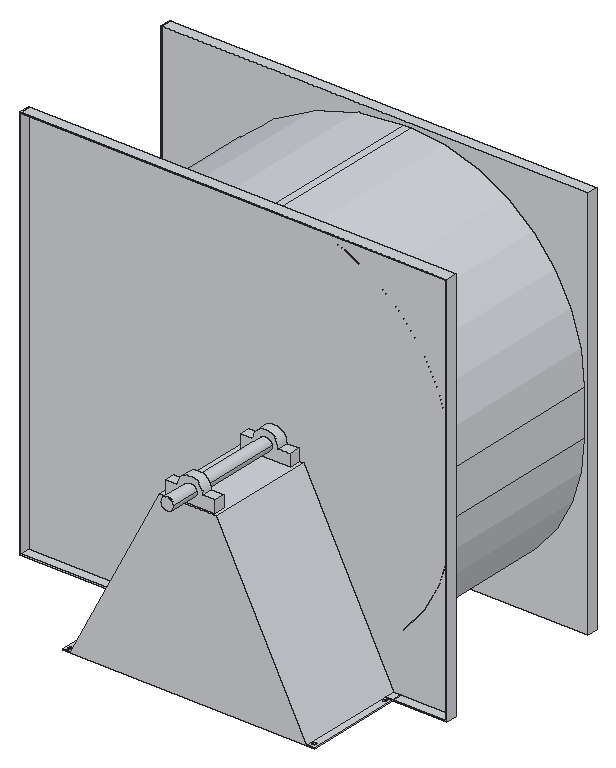
Revit family "CA-4_SWSI_ARR_1_CCW_DBD", category Mechanical Equipment, Revit 2019
Family settings
  Round Connector Dimension = Use Radius
  Part Type = Normal
  Work Plane-Based = No
  Always vertical = Yes
  Cut with Voids When Loaded = No
  Shared = No
  Room Calculation Point = No
Parameters (values of type "600_CA-4_SWSI_ARR_1_CCW_DBD_CLASS_2")
  S = 32"
  R = 49 5/16"
  P = 24 21/32"
  O/2 = O / 2  # 17/32"
  O = 1 1/16"
  ModelID [instance] = ""
  Accessories [instance] = ""
  ARR_1_U-D = ARR_1_U - D  # 34 3/8"
  ARR_1_K-D = ARR_1_K - D  # 27"
  ARR_1_J/2 = ARR_1_J / 2  # 1 23/32"
  ARR_1_J = 3 7/16"
  MOTOR_RAD = ARR_1_J * 3  # 10 5/16"
  M = 66 11/16"
  L = 10"
  K = 56 11/16"
  J = 3"
  INLET_RAD/2 = INLET_RAD / 2  # 16 1/2"
  INLET_RAD+1.5" = INLET_RAD + 1 1/2"  # 34 1/2"
  INLET_RAD = INLET_DIA / 2  # 33"
  INLET_DIA = 66"
  E = 49 3/4"
  F/5 = F / 5  # 23.6"
  F = 118"
  G = 109 5/8"
  Unit Weight [instance] = ""
  Sones [instance] = ""
  Motor RPM [instance] = ""
  Motor Enclosure [instance] = ""
  LwA [instance] = ""
  Fan RPM [instance] = ""
  E-(INLET_RAD+1.5") = H - (INLET_RAD + 1 1/2")  # 17 1/8"
  E+(INLET_RAD+1.5") = H + (INLET_RAD + 1 1/2")  # 86 1/8"
  H = 51 5/8"
  D-((D-B)/2) = D - ((D - B) / 2)  # 48 13/16"
  D = 51 13/16"
  B = 45 13/16"
  ARR_2_L-ARR_2_K = ARR_2_L - ARR_2_K  # 26 7/8"
  ARR_2_L = 34 3/8"
  ARR_2_K = 7 1/2"
  ARR_1_V = 7 1/2"
  ARR_1_U = 86 3/16"
  ARR_1_N = 24 9/16"
  ARR_1_M = 1 1/4"
  ARR_1_K = 78 13/16"
  ARR_1_H = 33 3/4"
  ARR_1_G = 34 3/4"
  A = 65 5/8"
  3" = 3"  # constant formula
  Brake Hp [instance] = ""
  4" = 4"  # constant formula
  2ARR_1_J+1" = ARR_1_J + ARR_1_J + 1"  # 7 7/8"
  2ARR_1_J = ARR_1_J + ARR_1_J  # 6 7/8"
  2' = 24"
  2" = 2"  # constant formula
  1" = 1"  # constant formula
  0 = 0"  # constant formula
  Voltage [instance] = 0 V
  URL = "www.lorencook.com"
  Type Comments = "Airfoil Centrifugal Blower Arrangement 1 Counter-Clockwise Down Blast Discharge"  # constant formula
  Static Pressure [instance] = 0.00 in-wg
  Power [instance] = Voltage * Motor FLA * sqrt(if(Phase = 3, 3, 1))  # 0 VA
  Phase [instance] = 0
  Number of Poles [instance] = 1
  Motor Hp [instance] = "0"
  Motor FLA [instance] = 0 A
  Model = "CA-4 SWSI ARR 1 CCW DBD CLASS 2"
  Manufacturer = "Loren Cook Company"
  CFM [instance] = 0 CFM
  1.5 = 1 1/2"  # constant formula
  ONE EIGTH = 1/8"  # constant formula
  -ARR_1_J = -ARR_1_J  # -3 7/16"
  -(ARR_2_L - ARR_2_K) = -(ARR_2_L - ARR_2_K)  # -26 7/8"
  -(((K-B)/2)-.125") = -(((K - B) / 2) - 1/8")  # -5 5/16"
  -(((D - B) / 2) - 1/8") = -(((D - B) / 2) - 1/8")  # -2 7/8"
  (R-B)/2 = (R - B) / 2  # 1 3/4"
  ((K-B)/2)+B = ((K - B) / 2) + B  # 51 1/4"
  (D-B)/2 = (D - B) / 2  # 3"
  -(((K-B)/2)+L) = -(((K - B) / 2) + L)  # -15 7/16"
  ((D-B)/2)-.125" = ((D - B) / 2) - 1/8"  # 2 7/8"
Types (55): name | S | R | P | O/2 | O | ARR_1_U-D | ARR_1_K-D | ARR_1_J/2 | ARR_1_J | MOTOR_RAD | M | L | K | J | INLET_RAD/2 | INLET_RAD+1.5" | INLET_RAD | INLET_DIA | E | F/5 | F | G | E-(INLET_RAD+1.5") | E+(INLET_RAD+1.5") | H | D-((D-B)/2) | D | B | ARR_2_L-ARR_2_K | ARR_2_L | ARR_2_K | ARR_1_V | ARR_1_U | ARR_1_N | ARR_1_M | ARR_1_K | ARR_1_H | ARR_1_G | A | 2ARR_1_J+1" | 2ARR_1_J | Model | -ARR_1_J | -(ARR_2_L - ARR_2_K) | -(((K-B)/2)-.125") | -(((D - B) / 2) - 1/8") | (R-B)/2 | ((K-B)/2)+B | (D-B)/2 | -(((K-B)/2)+L) | ((D-B)/2)-.125"
  (no name) | 32" | 49 5/16" | 24 21/32" | 17/32" | 1 1/16" | 34 3/8" | 27" | 1 23/32" | 3 7/16" | 10 5/16" | 66 11/16" | 10" | 56 11/16" | 3" | 16 1/2" | 34 1/2" | 33" | 66" | 49 3/4" | 23.6" | 118" | 109 5/8" | 17 1/8" | 86 1/8" | 51 5/8" | 48 13/16" | 51 13/16" | 45 13/16" | 26 7/8" | 34 3/8" | 7 1/2" | 7 1/2" | 86 3/16" | 24 9/16" | 1 1/4" | 78 13/16" | 33 3/4" | 34 3/4" | 65 5/8" | 7 7/8" | 6 7/8" | "CA-4 SWSI ARR 1 CCW DBD CLASS 2" | -3 7/16" | -26 7/8" | -5 5/16" | -2 7/8" | 1 3/4" | 51 1/4" | 3" | -15 7/16" | 2 7/8"
  120_CA-4_SWSI_ARR_1_CCW_DBD_CLASS_1 | 7 1/2" | 11 7/16" | 5 23/32" | 11/32" | 11/16" | 21 5/8" | 17 5/8" | 19/32" | 1 3/16" | 3 9/16" | 18 7/8" | 3" | 15 7/8" | 2" | 4 1/16" | 9 5/8" | 8 1/8" | 16 1/4" | 10 3/4" | 5.15" | 25 3/4" | 22 3/4" | 3/4" | 20" | 10 3/8" | 11 3/16" | 13 3/16" | 9 3/16" | 17 5/8" | 21 5/8" | 4" | 4" | 34 13/16" | 15 1/8" | 1" | 30 13/16" | 8 7/16" | 9 3/16" | 13 1/8" | 3 3/8" | 2 3/8" | "CA-4 SWSI ARR 1 CCW DBD CLASS 1" | -1 3/16" | -17 5/8" | -3 7/32" | -1 7/8" | 1 1/8" | 12 17/32" | 2" | -6 11/32" | 1 7/8"
  135_CA-4_SWSI_ARR_1_CCW_DBD_CLASS_1 | 8 1/2" | 12 9/16" | 6 9/32" | 11/32" | 11/16" | 21 5/8" | 17 5/8" | 19/32" | 1 3/16" | 3 9/16" | 20" | 3" | 17" | 2" | 4 7/16" | 10 3/8" | 8 7/8" | 17 3/4" | 12" | 5 3/4" | 28 3/4" | 25 1/2" | 1 1/4" | 22" | 11 5/8" | 12 5/16" | 14 5/16" | 10 5/16" | 17 5/8" | 21 5/8" | 4" | 4" | 35 15/16" | 15 1/8" | 1" | 31 15/16" | 9 3/16" | 9 15/16" | 14 3/4" | 3 3/8" | 2 3/8" | "CA-4 SWSI ARR 1 CCW DBD CLASS 1" | -1 3/16" | -17 5/8" | -3 7/32" | -1 7/8" | 1 1/8" | 13 21/32" | 2" | -6 11/32" | 1 7/8"
  150_CA-4_SWSI_ARR_1_CCW_DBD_CLASS_1 | 9" | 13 11/16" | 6 27/32" | 11/32" | 11/16" | 21 5/8" | 17 5/8" | 19/32" | 1 3/16" | 3 9/16" | 21 1/8" | 3" | 18 1/8" | 2" | 4 13/16" | 11 1/8" | 9 5/8" | 19 1/4" | 13 1/4" | 6.325" | 31 5/8" | 28 1/8" | 1 3/4" | 24" | 12 7/8" | 13 7/16" | 15 7/16" | 11 7/16" | 17 5/8" | 21 5/8" | 4" | 4" | 37 1/16" | 15 1/8" | 1" | 33 1/16" | 9 15/16" | 10 11/16" | 16 7/16" | 3 3/8" | 2 3/8" | "CA-4 SWSI ARR 1 CCW DBD CLASS 1" | -1 3/16" | -17 5/8" | -3 7/32" | -1 7/8" | 1 1/8" | 14 25/32" | 2" | -6 11/32" | 1 7/8"
  165_CA-4_SWSI_ARR_1_CCW_DBD_CLASS_1 | 10" | 14 7/8" | 7 7/16" | 11/32" | 11/16" | 21 5/8" | 17 5/8" | 19/32" | 1 3/16" | 3 9/16" | 23 15/16" | 4" | 19 5/16" | 2" | 5 5/16" | 12 1/8" | 10 5/8" | 21 1/4" | 14 3/8" | 6 7/8" | 34 3/8" | 30 7/8" | 2 1/8" | 26 3/8" | 14 1/4" | 14 5/8" | 16 5/8" | 12 5/8" | 17 5/8" | 21 5/8" | 4" | 4" | 38 1/4" | 15 1/8" | 1" | 34 1/4" | 10 15/16" | 11 11/16" | 18 1/16" | 3 3/8" | 2 3/8" | "CA-4 SWSI ARR 1 CCW DBD CLASS 1" | -1 3/16" | -17 5/8" | -3 7/32" | -1 7/8" | 1 1/8" | 15 31/32" | 2" | -7 11/32" | 1 7/8"
  180_CA-4_SWSI_ARR_1_CCW_DBD_CLASS_1 | 11" | 16" | 8" | 11/32" | 11/16" | 24 3/8" | 20 1/8" | 19/32" | 1 3/16" | 3 9/16" | 24 15/16" | 4 1/2" | 20 7/16" | 2" | 5 11/16" | 12 7/8" | 11 3/8" | 22 3/4" | 15 5/8" | 7.425" | 37 1/8" | 33 5/8" | 2 5/8" | 28 3/8" | 15 1/2" | 15 3/4" | 17 3/4" | 13 3/4" | 20 1/8" | 24 3/8" | 4 1/4" | 4 1/4" | 42 1/8" | 17 5/8" | 1" | 37 7/8" | 11 11/16" | 12 7/16" | 19 11/16" | 3 3/8" | 2 3/8" | "CA-4 SWSI ARR 1 CCW DBD CLASS 1" | -1 3/16" | -20 1/8" | -3 7/32" | -1 7/8" | 1 1/8" | 17 3/32" | 2" | -7 27/32" | 1 7/8"
  195_CA-4_SWSI_ARR_1_CCW_DBD_CLASS_1 | 11 1/2" | 17 3/16" | 8 19/32" | 11/32" | 11/16" | 24 3/8" | 20 1/8" | 19/32" | 1 3/16" | 3 9/16" | 27 3/16" | 4 1/2" | 22 11/16" | 2" | 6 1/16" | 13 5/8" | 12 1/8" | 24 1/4" | 16 3/4" | 8" | 40" | 36 1/4" | 3 1/8" | 30 3/8" | 16 3/4" | 16 15/16" | 18 15/16" | 14 15/16" | 20 1/8" | 24 3/8" | 4 1/4" | 4 1/4" | 43 5/16" | 17 5/8" | 1" | 39 1/16" | 12 7/16" | 13 3/16" | 21 5/16" | 3 3/8" | 2 3/8" | "CA-4 SWSI ARR 1 CCW DBD CLASS 1" | -1 3/16" | -20 1/8" | -3 3/4" | -1 7/8" | 1 1/8" | 18 13/16" | 2" | -8 3/8" | 1 7/8"
  210_CA-4_SWSI_ARR_1_CCW_DBD_CLASS_1 | 12" | 18 5/16" | 9 5/32" | 13/32" | 13/16" | 26 3/8" | 22 1/8" | 23/32" | 1 7/16" | 4 5/16" | 28 13/16" | 5" | 23 13/16" | 2" | 6 1/2" | 14 1/2" | 13" | 26" | 18" | 8.575" | 42 7/8" | 39 1/8" | 3 5/8" | 32 5/8" | 18 1/8" | 18 1/16" | 20 1/16" | 16 1/16" | 23 1/8" | 27 3/8" | 4 1/4" | 4 1/4" | 46 7/16" | 19 9/16" | 1" | 42 3/16" | 13 5/16" | 14 1/16" | 23" | 3 7/8" | 2 7/8" | "CA-4 SWSI ARR 1 CCW DBD CLASS 1" | -1 7/16" | -23 1/8" | -3 3/4" | -1 7/8" | 1 1/8" | 19 15/16" | 2" | -8 7/8" | 1 7/8"
  225_CA-4_SWSI_ARR_1_CCW_DBD_CLASS_1 | 12 1/2" | 19 7/16" | 9 23/32" | 13/32" | 13/16" | 26 3/8" | 22 1/8" | 23/32" | 1 7/16" | 4 5/16" | 29 15/16" | 5" | 24 15/16" | 2" | 6 7/8" | 15 1/4" | 13 3/4" | 27 1/2" | 19 1/4" | 9.15" | 45 3/4" | 41 3/4" | 4 1/8" | 34 5/8" | 19 3/8" | 19 3/16" | 21 3/16" | 17 3/16" | 23 1/8" | 27 3/8" | 4 1/4" | 4 1/4" | 47 9/16" | 19 9/16" | 1" | 43 5/16" | 14 1/16" | 14 13/16" | 24 5/8" | 3 7/8" | 2 7/8" | "CA-4 SWSI ARR 1 CCW DBD CLASS 1" | -1 7/16" | -23 1/8" | -3 3/4" | -1 7/8" | 1 1/8" | 21 1/16" | 2" | -8 7/8" | 1 7/8"
  245_CA-4_SWSI_ARR_1_CCW_DBD_CLASS_1 | 13 1/2" | 21" | 10 1/2" | 13/32" | 13/16" | 27 13/16" | 22 5/8" | 27/32" | 1 11/16" | 5 1/16" | 32" | 5 1/2" | 26 1/2" | 2" | 7 3/8" | 16 1/4" | 14 3/4" | 29 1/2" | 20 7/8" | 9.9" | 49 1/2" | 45 3/8" | 4 7/8" | 37 3/8" | 21 1/8" | 20 3/4" | 22 3/4" | 18 3/4" | 22 9/16" | 27 13/16" | 5 1/4" | 5 1/4" | 50 9/16" | 20 1/8" | 1" | 45 3/8" | 15 1/16" | 15 13/16" | 26 13/16" | 4 3/8" | 3 3/8" | "CA-4 SWSI ARR 1 CCW DBD CLASS 1" | -1 11/16" | -22 9/16" | -3 3/4" | -1 7/8" | 1 1/8" | 22 5/8" | 2" | -9 3/8" | 1 7/8"
  270_CA-4_SWSI_ARR_1_CCW_DBD_CLASS_1 | 15" | 22 7/8" | 11 7/16" | 13/32" | 13/16" | 27 13/16" | 22 5/8" | 27/32" | 1 11/16" | 5 1/16" | 34 3/8" | 6" | 28 3/8" | 2" | 8" | 17 1/2" | 16" | 32" | 23 3/8" | 10.95" | 54 3/4" | 49 7/8" | 5 3/4" | 40 3/4" | 23 1/4" | 22 5/8" | 24 5/8" | 20 5/8" | 22 9/16" | 27 13/16" | 5 1/4" | 5 1/4" | 52 7/16" | 20 1/8" | 1" | 47 1/4" | 16 7/16" | 17 3/16" | 29 9/16" | 4 3/8" | 3 3/8" | "CA-4 SWSI ARR 1 CCW DBD CLASS 1" | -1 11/16" | -22 9/16" | -3 3/4" | -1 7/8" | 1 1/8" | 24 1/2" | 2" | -9 7/8" | 1 7/8"
  300_CA-4_SWSI_ARR_1_CCW_DBD_CLASS_1 | 16 1/2" | 25 3/16" | 12 19/32" | 13/32" | 13/16" | 30 3/4" | 24 7/8" | 31/32" | 1 15/16" | 5 13/16" | 37 3/16" | 6 1/2" | 30 11/16" | 2" | 8 3/4" | 19" | 17 1/2" | 35" | 25 3/8" | 12" | 60" | 55 3/8" | 6 7/8" | 44 7/8" | 25 7/8" | 24 15/16" | 26 15/16" | 22 15/16" | 24 7/8" | 30 3/4" | 5 7/8" | 5 7/8" | 57 11/16" | 22 3/8" | 1" | 51 13/16" | 17 15/16" | 18 11/16" | 32 13/16" | 4 7/8" | 3 7/8" | "CA-4 SWSI ARR 1 CCW DBD CLASS 1" | -1 15/16" | -24 7/8" | -3 3/4" | -1 7/8" | 1 1/8" | 26 13/16" | 2" | -10 3/8" | 1 7/8"
  330_CA-4_SWSI_ARR_1_CCW_DBD_CLASS_1 | 18" | 27 1/2" | 13 3/4" | 13/32" | 13/16" | 30 3/4" | 24 7/8" | 31/32" | 1 15/16" | 5 13/16" | 40" | 7" | 33" | 2" | 9 1/2" | 20 1/2" | 19" | 38" | 27 7/8" | 13.15" | 65 3/4" | 60 3/4" | 7 7/8" | 48 7/8" | 28 3/8" | 27 1/4" | 29 1/4" | 25 1/4" | 24 7/8" | 30 3/4" | 5 7/8" | 5 7/8" | 60" | 22 3/8" | 1" | 54 1/8" | 19 7/16" | 20 3/16" | 36 1/8" | 4 7/8" | 3 7/8" | "CA-4 SWSI ARR 1 CCW DBD CLASS 1" | -1 15/16" | -24 7/8" | -3 3/4" | -1 7/8" | 1 1/8" | 29 1/8" | 2" | -10 7/8" | 1 7/8"
  365_CA-4_SWSI_ARR_1_CCW_DBD_CLASS_1 | 20" | 30 1/8" | 15 1/16" | 13/32" | 13/16" | 33" | 27 1/8" | 1 3/32" | 2 3/16" | 6 9/16" | 43 1/8" | 7 1/2" | 35 5/8" | 2" | 10 3/8" | 22 1/4" | 20 3/4" | 41 1/2" | 30 5/8" | 14.475" | 72 3/8" | 67" | 9 1/8" | 53 5/8" | 31 3/8" | 29 7/8" | 31 7/8" | 27 7/8" | 27 1/8" | 33" | 5 7/8" | 5 7/8" | 64 7/8" | 24 5/8" | 1" | 59" | 21 11/16" | 22 7/16" | 39 15/16" | 5 3/8" | 4 3/8" | "CA-4 SWSI ARR 1 CCW DBD CLASS 1" | -2 3/16" | -27 1/8" | -3 3/4" | -1 7/8" | 1 1/8" | 31 3/4" | 2" | -11 3/8" | 1 7/8"
  402_CA-4_SWSI_ARR_1_CCW_DBD_CLASS_1 | 22" | 34 1/4" | 17 1/8" | 17/32" | 1 1/16" | 31 5/16" | 26 3/16" | 1 3/32" | 2 3/16" | 6 9/16" | 46 5/8" | 8" | 38 5/8" | 3" | 11 5/16" | 24 1/8" | 22 5/8" | 45 1/4" | 33 5/8" | 16.075" | 80 3/8" | 73 7/8" | 10 1/2" | 58 3/4" | 34 5/8" | 33 3/4" | 36 3/4" | 30 3/4" | 25 7/16" | 31 5/16" | 5 7/8" | 5 7/8" | 68 1/16" | 23 13/16" | 1 1/4" | 62 15/16" | 22 3/8" | 24 3/8" | 44 1/16" | 5 3/8" | 4 3/8" | "CA-4 SWSI ARR 1 CCW DBD CLASS 1" | -2 3/16" | -25 7/16" | -3 13/16" | -2 7/8" | 1 3/4" | 34 11/16" | 3" | -11 15/16" | 2 7/8"
  445_CA-4_SWSI_ARR_1_CCW_DBD_CLASS_1 | 24" | 37 1/2" | 18 3/4" | 17/32" | 1 1/16" | 33 1/16" | 26 15/16" | 1 7/32" | 2 7/16" | 7 5/16" | 50 3/8" | 8 1/2" | 41 7/8" | 3" | 12 3/8" | 26 1/4" | 24 3/4" | 49 1/2" | 37 1/8" | 17.7" | 88 1/2" | 81 1/2" | 12" | 64 1/2" | 38 1/4" | 37" | 40" | 34" | 26 11/16" | 33 1/16" | 6 3/8" | 6 3/8" | 73 1/16" | 24 9/16" | 1 1/4" | 66 15/16" | 25 1/2" | 26 1/2" | 48 11/16" | 5 7/8" | 4 7/8" | "CA-4 SWSI ARR 1 CCW DBD CLASS 1" | -2 7/16" | -26 11/16" | -3 13/16" | -2 7/8" | 1 3/4" | 37 15/16" | 3" | -12 7/16" | 2 7/8"
  490_CA-4_SWSI_ARR_1_CCW_DBD_CLASS_1 | 26 1/2" | 40 15/16" | 20 15/32" | 17/32" | 1 1/16" | 33 1/16" | 26 15/16" | 1 7/32" | 2 7/16" | 7 5/16" | 55 5/16" | 9" | 46 5/16" | 3" | 13 3/4" | 29" | 27 1/2" | 55" | 40 3/4" | 19.4" | 97" | 89 3/4" | 13 1/4" | 71 1/4" | 42 1/4" | 40 7/16" | 43 7/16" | 37 7/16" | 26 11/16" | 33 1/16" | 6 3/8" | 6 3/8" | 76 1/2" | 24 9/16" | 1 1/4" | 70 3/8" | 28 1/4" | 29 1/4" | 53 5/8" | 5 7/8" | 4 7/8" | "CA-4 SWSI ARR 1 CCW DBD CLASS 1" | -2 7/16" | -26 11/16" | -4 5/16" | -2 7/8" | 1 3/4" | 41 7/8" | 3" | -13 7/16" | 2 7/8"
  540_CA-4_SWSI_ARR_1_CCW_DBD_CLASS_1 | 29" | 44 3/4" | 22 3/8" | 17/32" | 1 1/16" | 34 3/8" | 27" | 1 15/32" | 2 15/16" | 8 13/16" | 61 5/8" | 9 1/2" | 52 1/8" | 3" | 15" | 31 1/2" | 30" | 60" | 44 7/8" | 21.325" | 106 5/8" | 98 3/4" | 15" | 78" | 46 1/2" | 44 1/4" | 47 1/4" | 41 1/4" | 26 7/8" | 34 3/8" | 7 1/2" | 7 1/2" | 81 5/8" | 24 9/16" | 1 1/4" | 74 1/4" | 30 3/4" | 31 3/4" | 59 1/16" | 6 7/8" | 5 7/8" | "CA-4 SWSI ARR 1 CCW DBD CLASS 1" | -2 15/16" | -26 7/8" | -5 5/16" | -2 7/8" | 1 3/4" | 46 11/16" | 3" | -14 15/16" | 2 7/8"
  600_CA-4_SWSI_ARR_1_CCW_DBD_CLASS_1 | 32" | 49 5/16" | 24 21/32" | 17/32" | 1 1/16" | 34 3/8" | 27" | 1 15/32" | 2 15/16" | 8 13/16" | 66 11/16" | 10" | 56 11/16" | 3" | 16 1/2" | 34 1/2" | 33" | 66" | 49 3/4" | 23.6" | 118" | 109 5/8" | 17 1/8" | 86 1/8" | 51 5/8" | 48 13/16" | 51 13/16" | 45 13/16" | 26 7/8" | 34 3/8" | 7 1/2" | 7 1/2" | 86 3/16" | 24 9/16" | 1 1/4" | 78 13/16" | 33 3/4" | 34 3/4" | 65 5/8" | 6 7/8" | 5 7/8" | "CA-4 SWSI ARR 1 CCW DBD CLASS 1" | -2 15/16" | -26 7/8" | -5 5/16" | -2 7/8" | 1 3/4" | 51 1/4" | 3" | -15 7/16" | 2 7/8"
  120_CA-4_SWSI_ARR_1_CCW_DBD_CLASS_2 | 7 1/2" | 11 7/16" | 5 23/32" | 11/32" | 11/16" | 21 5/8" | 17 5/8" | 23/32" | 1 7/16" | 4 5/16" | 18 7/8" | 3" | 15 7/8" | 2" | 4 1/16" | 9 5/8" | 8 1/8" | 16 1/4" | 10 3/4" | 5.15" | 25 3/4" | 22 3/4" | 3/4" | 20" | 10 3/8" | 11 3/16" | 13 3/16" | 9 3/16" | 17 5/8" | 21 5/8" | 4" | 4" | 34 13/16" | 15 1/8" | 1" | 30 13/16" | 8 7/16" | 9 3/16" | 13 1/8" | 3 7/8" | 2 7/8" | "CA-4 SWSI ARR 1 CCW DBD CLASS 2" | -1 7/16" | -17 5/8" | -3 7/32" | -1 7/8" | 1 1/8" | 12 17/32" | 2" | -6 11/32" | 1 7/8"
  120_CA-4_SWSI_ARR_1_CCW_DBD_CLASS_3 | 7 1/2" | 11 7/16" | 5 23/32" | 11/32" | 11/16" | 21 5/8" | 17 5/8" | 23/32" | 1 7/16" | 4 5/16" | 18 7/8" | 3" | 15 7/8" | 2" | 4 1/16" | 9 5/8" | 8 1/8" | 16 1/4" | 10 3/4" | 5.15" | 25 3/4" | 22 3/4" | 3/4" | 20" | 10 3/8" | 11 3/16" | 13 3/16" | 9 3/16" | 17 5/8" | 21 5/8" | 4" | 4" | 34 13/16" | 15 1/8" | 1" | 30 13/16" | 8 7/16" | 9 3/16" | 13 1/8" | 3 7/8" | 2 7/8" | "CA-4 SWSI ARR 1 CCW DBD CLASS 3" | -1 7/16" | -17 5/8" | -3 7/32" | -1 7/8" | 1 1/8" | 12 17/32" | 2" | -6 11/32" | 1 7/8"
  135_CA-4_SWSI_ARR_1_CCW_DBD_CLASS_2 | 8 1/2" | 12 9/16" | 6 9/32" | 11/32" | 11/16" | 21 5/8" | 17 5/8" | 23/32" | 1 7/16" | 4 5/16" | 20" | 3" | 17" | 2" | 4 7/16" | 10 3/8" | 8 7/8" | 17 3/4" | 12" | 5 3/4" | 28 3/4" | 25 1/2" | 1 1/4" | 22" | 11 5/8" | 12 5/16" | 14 5/16" | 10 5/16" | 17 5/8" | 21 5/8" | 4" | 4" | 35 15/16" | 15 1/8" | 1" | 31 15/16" | 9 3/16" | 9 15/16" | 14 3/4" | 3 7/8" | 2 7/8" | "CA-4 SWSI ARR 1 CCW DBD CLASS 2" | -1 7/16" | -17 5/8" | -3 7/32" | -1 7/8" | 1 1/8" | 13 21/32" | 2" | -6 11/32" | 1 7/8"
  135_CA-4_SWSI_ARR_1_CCW_DBD_CLASS_3 | 8 1/2" | 12 9/16" | 6 9/32" | 11/32" | 11/16" | 21 5/8" | 17 5/8" | 23/32" | 1 7/16" | 4 5/16" | 20" | 3" | 17" | 2" | 4 7/16" | 10 3/8" | 8 7/8" | 17 3/4" | 12" | 5 3/4" | 28 3/4" | 25 1/2" | 1 1/4" | 22" | 11 5/8" | 12 5/16" | 14 5/16" | 10 5/16" | 17 5/8" | 21 5/8" | 4" | 4" | 35 15/16" | 15 1/8" | 1" | 31 15/16" | 9 3/16" | 9 15/16" | 14 3/4" | 3 7/8" | 2 7/8" | "CA-4 SWSI ARR 1 CCW DBD CLASS 3" | -1 7/16" | -17 5/8" | -3 7/32" | -1 7/8" | 1 1/8" | 13 21/32" | 2" | -6 11/32" | 1 7/8"
  150_CA-4_SWSI_ARR_1_CCW_DBD_CLASS_2 | 9" | 13 11/16" | 6 27/32" | 11/32" | 11/16" | 21 5/8" | 17 5/8" | 23/32" | 1 7/16" | 4 5/16" | 21 1/8" | 3" | 18 1/8" | 2" | 4 13/16" | 11 1/8" | 9 5/8" | 19 1/4" | 13 1/4" | 6.325" | 31 5/8" | 28 1/8" | 1 3/4" | 24" | 12 7/8" | 13 7/16" | 15 7/16" | 11 7/16" | 17 5/8" | 21 5/8" | 4" | 4" | 37 1/16" | 15 1/8" | 1" | 33 1/16" | 9 15/16" | 10 11/16" | 16 7/16" | 3 7/8" | 2 7/8" | "CA-4 SWSI ARR 1 CCW DBD CLASS 2" | -1 7/16" | -17 5/8" | -3 7/32" | -1 7/8" | 1 1/8" | 14 25/32" | 2" | -6 11/32" | 1 7/8"
  150_CA-4_SWSI_ARR_1_CCW_DBD_CLASS_3 | 9" | 13 11/16" | 6 27/32" | 11/32" | 11/16" | 21 5/8" | 17 5/8" | 23/32" | 1 7/16" | 4 5/16" | 21 1/8" | 3" | 18 1/8" | 2" | 4 13/16" | 11 1/8" | 9 5/8" | 19 1/4" | 13 1/4" | 6.325" | 31 5/8" | 28 1/8" | 1 3/4" | 24" | 12 7/8" | 13 7/16" | 15 7/16" | 11 7/16" | 17 5/8" | 21 5/8" | 4" | 4" | 37 1/16" | 15 1/8" | 1" | 33 1/16" | 9 15/16" | 10 11/16" | 16 7/16" | 3 7/8" | 2 7/8" | "CA-4 SWSI ARR 1 CCW DBD CLASS 3" | -1 7/16" | -17 5/8" | -3 7/32" | -1 7/8" | 1 1/8" | 14 25/32" | 2" | -6 11/32" | 1 7/8"
  165_CA-4_SWSI_ARR_1_CCW_DBD_CLASS_2 | 10" | 14 7/8" | 7 7/16" | 11/32" | 11/16" | 21 5/8" | 17 5/8" | 23/32" | 1 7/16" | 4 5/16" | 23 15/16" | 4" | 19 5/16" | 2" | 5 5/16" | 12 1/8" | 10 5/8" | 21 1/4" | 14 3/8" | 6 7/8" | 34 3/8" | 30 7/8" | 2 1/8" | 26 3/8" | 14 1/4" | 14 5/8" | 16 5/8" | 12 5/8" | 17 5/8" | 21 5/8" | 4" | 4" | 38 1/4" | 15 1/8" | 1" | 34 1/4" | 10 15/16" | 11 11/16" | 18 1/16" | 3 7/8" | 2 7/8" | "CA-4 SWSI ARR 1 CCW DBD CLASS 2" | -1 7/16" | -17 5/8" | -3 7/32" | -1 7/8" | 1 1/8" | 15 31/32" | 2" | -7 11/32" | 1 7/8"
  165_CA-4_SWSI_ARR_1_CCW_DBD_CLASS_3 | 10" | 14 7/8" | 7 7/16" | 11/32" | 11/16" | 21 5/8" | 17 5/8" | 23/32" | 1 7/16" | 4 5/16" | 23 15/16" | 4" | 19 5/16" | 2" | 5 5/16" | 12 1/8" | 10 5/8" | 21 1/4" | 14 3/8" | 6 7/8" | 34 3/8" | 30 7/8" | 2 1/8" | 26 3/8" | 14 1/4" | 14 5/8" | 16 5/8" | 12 5/8" | 17 5/8" | 21 5/8" | 4" | 4" | 38 1/4" | 15 1/8" | 1" | 34 1/4" | 10 15/16" | 11 11/16" | 18 1/16" | 3 7/8" | 2 7/8" | "CA-4 SWSI ARR 1 CCW DBD CLASS 3" | -1 7/16" | -17 5/8" | -3 7/32" | -1 7/8" | 1 1/8" | 15 31/32" | 2" | -7 11/32" | 1 7/8"
  180_CA-4_SWSI_ARR_1_CCW_DBD_CLASS_2 | 11" | 16" | 8" | 11/32" | 11/16" | 24 3/8" | 20 1/8" | 23/32" | 1 7/16" | 4 5/16" | 24 15/16" | 4 1/2" | 20 7/16" | 2" | 5 11/16" | 12 7/8" | 11 3/8" | 22 3/4" | 15 5/8" | 7.425" | 37 1/8" | 33 5/8" | 2 5/8" | 28 3/8" | 15 1/2" | 15 3/4" | 17 3/4" | 13 3/4" | 20 1/8" | 24 3/8" | 4 1/4" | 4 1/4" | 42 1/8" | 17 5/8" | 1" | 37 7/8" | 11 11/16" | 12 7/16" | 19 11/16" | 3 7/8" | 2 7/8" | "CA-4 SWSI ARR 1 CCW DBD CLASS 2" | -1 7/16" | -20 1/8" | -3 7/32" | -1 7/8" | 1 1/8" | 17 3/32" | 2" | -7 27/32" | 1 7/8"
  180_CA-4_SWSI_ARR_1_CCW_DBD_CLASS_3 | 11" | 16" | 8" | 11/32" | 11/16" | 24 3/8" | 20 1/8" | 27/32" | 1 11/16" | 5 1/16" | 24 15/16" | 4 1/2" | 20 7/16" | 2" | 5 11/16" | 12 7/8" | 11 3/8" | 22 3/4" | 15 5/8" | 7.425" | 37 1/8" | 33 5/8" | 2 5/8" | 28 3/8" | 15 1/2" | 15 3/4" | 17 3/4" | 13 3/4" | 20 1/8" | 24 3/8" | 4 1/4" | 4 1/4" | 42 1/8" | 17 5/8" | 1" | 37 7/8" | 11 11/16" | 12 7/16" | 19 11/16" | 4 3/8" | 3 3/8" | "CA-4 SWSI ARR 1 CCW DBD CLASS 3" | -1 11/16" | -20 1/8" | -3 7/32" | -1 7/8" | 1 1/8" | 17 3/32" | 2" | -7 27/32" | 1 7/8"
  195_CA-4_SWSI_ARR_1_CCW_DBD_CLASS_2 | 11 1/2" | 17 3/16" | 8 19/32" | 11/32" | 11/16" | 24 3/8" | 20 1/8" | 23/32" | 1 7/16" | 4 5/16" | 27 3/16" | 4 1/2" | 22 11/16" | 2" | 6 1/16" | 13 5/8" | 12 1/8" | 24 1/4" | 16 3/4" | 8" | 40" | 36 1/4" | 3 1/8" | 30 3/8" | 16 3/4" | 16 15/16" | 18 15/16" | 14 15/16" | 20 1/8" | 24 3/8" | 4 1/4" | 4 1/4" | 43 5/16" | 17 5/8" | 1" | 39 1/16" | 12 7/16" | 13 3/16" | 21 5/16" | 3 7/8" | 2 7/8" | "CA-4 SWSI ARR 1 CCW DBD CLASS 2" | -1 7/16" | -20 1/8" | -3 3/4" | -1 7/8" | 1 1/8" | 18 13/16" | 2" | -8 3/8" | 1 7/8"
  195_CA-4_SWSI_ARR_1_CCW_DBD_CLASS_3 | 11 1/2" | 17 3/16" | 8 19/32" | 11/32" | 11/16" | 24 3/8" | 20 1/8" | 27/32" | 1 11/16" | 5 1/16" | 27 3/16" | 4 1/2" | 22 11/16" | 2" | 6 1/16" | 13 5/8" | 12 1/8" | 24 1/4" | 16 3/4" | 8" | 40" | 36 1/4" | 3 1/8" | 30 3/8" | 16 3/4" | 16 15/16" | 18 15/16" | 14 15/16" | 20 1/8" | 24 3/8" | 4 1/4" | 4 1/4" | 43 5/16" | 17 5/8" | 1" | 39 1/16" | 12 7/16" | 13 3/16" | 21 5/16" | 4 3/8" | 3 3/8" | "CA-4 SWSI ARR 1 CCW DBD CLASS 3" | -1 11/16" | -20 1/8" | -3 3/4" | -1 7/8" | 1 1/8" | 18 13/16" | 2" | -8 3/8" | 1 7/8"
  210_CA-4_SWSI_ARR_1_CCW_DBD_CLASS_3 | 12" | 18 5/16" | 9 5/32" | 13/32" | 13/16" | 26 3/8" | 22 1/8" | 31/32" | 1 15/16" | 5 13/16" | 28 13/16" | 5" | 23 13/16" | 2" | 6 1/2" | 14 1/2" | 13" | 26" | 18" | 8.575" | 42 7/8" | 39 1/8" | 3 5/8" | 32 5/8" | 18 1/8" | 18 1/16" | 20 1/16" | 16 1/16" | 23 1/8" | 27 3/8" | 4 1/4" | 4 1/4" | 46 7/16" | 19 9/16" | 1" | 42 3/16" | 13 5/16" | 14 1/16" | 23" | 4 7/8" | 3 7/8" | "CA-4 SWSI ARR 1 CCW DBD CLASS 3" | -1 15/16" | -23 1/8" | -3 3/4" | -1 7/8" | 1 1/8" | 19 15/16" | 2" | -8 7/8" | 1 7/8"
  210_CA-4_SWSI_ARR_1_CCW_DBD_CLASS_2 | 12" | 18 5/16" | 9 5/32" | 13/32" | 13/16" | 26 3/8" | 22 1/8" | 27/32" | 1 11/16" | 5 1/16" | 28 13/16" | 5" | 23 13/16" | 2" | 6 1/2" | 14 1/2" | 13" | 26" | 18" | 8.575" | 42 7/8" | 39 1/8" | 3 5/8" | 32 5/8" | 18 1/8" | 18 1/16" | 20 1/16" | 16 1/16" | 23 1/8" | 27 3/8" | 4 1/4" | 4 1/4" | 46 7/16" | 19 9/16" | 1" | 42 3/16" | 13 5/16" | 14 1/16" | 23" | 4 3/8" | 3 3/8" | "CA-4 SWSI ARR 1 CCW DBD CLASS 2" | -1 11/16" | -23 1/8" | -3 3/4" | -1 7/8" | 1 1/8" | 19 15/16" | 2" | -8 7/8" | 1 7/8"
  225_CA-4_SWSI_ARR_1_CCW_DBD_CLASS_2 | 12 1/2" | 19 7/16" | 9 23/32" | 13/32" | 13/16" | 26 3/8" | 22 1/8" | 27/32" | 1 11/16" | 5 1/16" | 29 15/16" | 5" | 24 15/16" | 2" | 6 7/8" | 15 1/4" | 13 3/4" | 27 1/2" | 19 1/4" | 9.15" | 45 3/4" | 41 3/4" | 4 1/8" | 34 5/8" | 19 3/8" | 19 3/16" | 21 3/16" | 17 3/16" | 23 1/8" | 27 3/8" | 4 1/4" | 4 1/4" | 47 9/16" | 19 9/16" | 1" | 43 5/16" | 14 1/16" | 14 13/16" | 24 5/8" | 4 3/8" | 3 3/8" | "CA-4 SWSI ARR 1 CCW DBD CLASS 2" | -1 11/16" | -23 1/8" | -3 3/4" | -1 7/8" | 1 1/8" | 21 1/16" | 2" | -8 7/8" | 1 7/8"
  225_CA-4_SWSI_ARR_1_CCW_DBD_CLASS_3 | 12 1/2" | 19 7/16" | 9 23/32" | 13/32" | 13/16" | 26 3/8" | 22 1/8" | 31/32" | 1 15/16" | 5 13/16" | 29 15/16" | 5" | 24 15/16" | 2" | 6 7/8" | 15 1/4" | 13 3/4" | 27 1/2" | 19 1/4" | 9.15" | 45 3/4" | 41 3/4" | 4 1/8" | 34 5/8" | 19 3/8" | 19 3/16" | 21 3/16" | 17 3/16" | 23 1/8" | 27 3/8" | 4 1/4" | 4 1/4" | 47 9/16" | 19 9/16" | 1" | 43 5/16" | 14 1/16" | 14 13/16" | 24 5/8" | 4 7/8" | 3 7/8" | "CA-4 SWSI ARR 1 CCW DBD CLASS 3" | -1 15/16" | -23 1/8" | -3 3/4" | -1 7/8" | 1 1/8" | 21 1/16" | 2" | -8 7/8" | 1 7/8"
  245_CA-4_SWSI_ARR_1_CCW_DBD_CLASS_2 | 13 1/2" | 21" | 10 1/2" | 13/32" | 13/16" | 27 13/16" | 22 5/8" | 31/32" | 1 15/16" | 5 13/16" | 32" | 5 1/2" | 26 1/2" | 2" | 7 3/8" | 16 1/4" | 14 3/4" | 29 1/2" | 20 7/8" | 9.9" | 49 1/2" | 45 3/8" | 4 7/8" | 37 3/8" | 21 1/8" | 20 3/4" | 22 3/4" | 18 3/4" | 22 9/16" | 27 13/16" | 5 1/4" | 5 1/4" | 50 9/16" | 20 1/8" | 1" | 45 3/8" | 15 1/16" | 15 13/16" | 26 13/16" | 4 7/8" | 3 7/8" | "CA-4 SWSI ARR 1 CCW DBD CLASS 2" | -1 15/16" | -22 9/16" | -3 3/4" | -1 7/8" | 1 1/8" | 22 5/8" | 2" | -9 3/8" | 1 7/8"
  245_CA-4_SWSI_ARR_1_CCW_DBD_CLASS_3 | 13 1/2" | 21" | 10 1/2" | 13/32" | 13/16" | 27 13/16" | 22 5/8" | 1 7/32" | 2 7/16" | 7 5/16" | 32" | 5 1/2" | 26 1/2" | 2" | 7 3/8" | 16 1/4" | 14 3/4" | 29 1/2" | 20 7/8" | 9.9" | 49 1/2" | 45 3/8" | 4 7/8" | 37 3/8" | 21 1/8" | 20 3/4" | 22 3/4" | 18 3/4" | 22 9/16" | 27 13/16" | 5 1/4" | 5 1/4" | 50 9/16" | 20 1/8" | 1" | 45 3/8" | 15 1/16" | 15 13/16" | 26 13/16" | 5 7/8" | 4 7/8" | "CA-4 SWSI ARR 1 CCW DBD CLASS 3" | -2 7/16" | -22 9/16" | -3 3/4" | -1 7/8" | 1 1/8" | 22 5/8" | 2" | -9 3/8" | 1 7/8"
  270_CA-4_SWSI_ARR_1_CCW_DBD_CLASS_2 | 15" | 22 7/8" | 11 7/16" | 13/32" | 13/16" | 27 13/16" | 22 5/8" | 31/32" | 1 15/16" | 5 13/16" | 34 3/8" | 6" | 28 3/8" | 2" | 8" | 17 1/2" | 16" | 32" | 23 3/8" | 10.95" | 54 3/4" | 49 7/8" | 5 3/4" | 40 3/4" | 23 1/4" | 22 5/8" | 24 5/8" | 20 5/8" | 22 9/16" | 27 13/16" | 5 1/4" | 5 1/4" | 52 7/16" | 20 1/8" | 1" | 47 1/4" | 16 7/16" | 17 3/16" | 29 9/16" | 4 7/8" | 3 7/8" | "CA-4 SWSI ARR 1 CCW DBD CLASS 2" | -1 15/16" | -22 9/16" | -3 3/4" | -1 7/8" | 1 1/8" | 24 1/2" | 2" | -9 7/8" | 1 7/8"
  270_CA-4_SWSI_ARR_1_CCW_DBD_CLASS_3 | 15" | 22 7/8" | 11 7/16" | 13/32" | 13/16" | 27 13/16" | 22 5/8" | 1 3/32" | 2 3/16" | 6 9/16" | 34 3/8" | 6" | 28 3/8" | 2" | 8" | 17 1/2" | 16" | 32" | 23 3/8" | 10.95" | 54 3/4" | 49 7/8" | 5 3/4" | 40 3/4" | 23 1/4" | 22 5/8" | 24 5/8" | 20 5/8" | 22 9/16" | 27 13/16" | 5 1/4" | 5 1/4" | 52 7/16" | 20 1/8" | 1" | 47 1/4" | 16 7/16" | 17 3/16" | 29 9/16" | 5 3/8" | 4 3/8" | "CA-4 SWSI ARR 1 CCW DBD CLASS 3" | -2 3/16" | -22 9/16" | -3 3/4" | -1 7/8" | 1 1/8" | 24 1/2" | 2" | -9 7/8" | 1 7/8"
  300_CA-4_SWSI_ARR_1_CCW_DBD_CLASS_2 | 16 1/2" | 25 3/16" | 12 19/32" | 13/32" | 13/16" | 30 3/4" | 24 7/8" | 1 3/32" | 2 3/16" | 6 9/16" | 37 3/16" | 6 1/2" | 30 11/16" | 2" | 8 3/4" | 19" | 17 1/2" | 35" | 25 3/8" | 12" | 60" | 55 3/8" | 6 7/8" | 44 7/8" | 25 7/8" | 24 15/16" | 26 15/16" | 22 15/16" | 24 7/8" | 30 3/4" | 5 7/8" | 5 7/8" | 57 11/16" | 22 3/8" | 1" | 51 13/16" | 17 15/16" | 18 11/16" | 32 13/16" | 5 3/8" | 4 3/8" | "CA-4 SWSI ARR 1 CCW DBD CLASS 2" | -2 3/16" | -24 7/8" | -3 3/4" | -1 7/8" | 1 1/8" | 26 13/16" | 2" | -10 3/8" | 1 7/8"
  300_CA-4_SWSI_ARR_1_CCW_DBD_CLASS_3 | 16 1/2" | 25 3/16" | 12 19/32" | 13/32" | 13/16" | 30 3/4" | 24 7/8" | 1 7/32" | 2 7/16" | 7 5/16" | 37 3/16" | 6 1/2" | 30 11/16" | 2" | 8 3/4" | 19" | 17 1/2" | 35" | 25 3/8" | 12" | 60" | 55 3/8" | 6 7/8" | 44 7/8" | 25 7/8" | 24 15/16" | 26 15/16" | 22 15/16" | 24 7/8" | 30 3/4" | 5 7/8" | 5 7/8" | 57 11/16" | 22 3/8" | 1" | 51 13/16" | 17 15/16" | 18 11/16" | 32 13/16" | 5 7/8" | 4 7/8" | "CA-4 SWSI ARR 1 CCW DBD CLASS 3" | -2 7/16" | -24 7/8" | -3 3/4" | -1 7/8" | 1 1/8" | 26 13/16" | 2" | -10 3/8" | 1 7/8"
  330_CA-4_SWSI_ARR_1_CCW_DBD_CLASS_2 | 18" | 27 1/2" | 13 3/4" | 13/32" | 13/16" | 30 3/4" | 24 7/8" | 1 3/32" | 2 3/16" | 6 9/16" | 40" | 7" | 33" | 2" | 9 1/2" | 20 1/2" | 19" | 38" | 27 7/8" | 13.15" | 65 3/4" | 60 3/4" | 7 7/8" | 48 7/8" | 28 3/8" | 27 1/4" | 29 1/4" | 25 1/4" | 24 7/8" | 30 3/4" | 5 7/8" | 5 7/8" | 60" | 22 3/8" | 1" | 54 1/8" | 19 7/16" | 20 3/16" | 36 1/8" | 5 3/8" | 4 3/8" | "CA-4 SWSI ARR 1 CCW DBD CLASS 2" | -2 3/16" | -24 7/8" | -3 3/4" | -1 7/8" | 1 1/8" | 29 1/8" | 2" | -10 7/8" | 1 7/8"
  330_CA-4_SWSI_ARR_1_CCW_DBD_CLASS_3 | 18" | 27 1/2" | 13 3/4" | 13/32" | 13/16" | 30 3/4" | 24 7/8" | 1 7/32" | 2 7/16" | 7 5/16" | 40" | 7" | 33" | 2" | 9 1/2" | 20 1/2" | 19" | 38" | 27 7/8" | 13.15" | 65 3/4" | 60 3/4" | 7 7/8" | 48 7/8" | 28 3/8" | 27 1/4" | 29 1/4" | 25 1/4" | 24 7/8" | 30 3/4" | 5 7/8" | 5 7/8" | 60" | 22 3/8" | 1" | 54 1/8" | 19 7/16" | 20 3/16" | 36 1/8" | 5 7/8" | 4 7/8" | "CA-4 SWSI ARR 1 CCW DBD CLASS 3" | -2 7/16" | -24 7/8" | -3 3/4" | -1 7/8" | 1 1/8" | 29 1/8" | 2" | -10 7/8" | 1 7/8"
  365_CA-4_SWSI_ARR_1_CCW_DBD_CLASS_2 | 20" | 30 1/8" | 15 1/16" | 13/32" | 13/16" | 33" | 27 1/8" | 1 7/32" | 2 7/16" | 7 5/16" | 43 1/8" | 7 1/2" | 35 5/8" | 2" | 10 3/8" | 22 1/4" | 20 3/4" | 41 1/2" | 30 5/8" | 14.475" | 72 3/8" | 67" | 9 1/8" | 53 5/8" | 31 3/8" | 29 7/8" | 31 7/8" | 27 7/8" | 27 1/8" | 33" | 5 7/8" | 5 7/8" | 64 7/8" | 24 5/8" | 1" | 59" | 21 11/16" | 22 7/16" | 39 15/16" | 5 7/8" | 4 7/8" | "CA-4 SWSI ARR 1 CCW DBD CLASS 2" | -2 7/16" | -27 1/8" | -3 3/4" | -1 7/8" | 1 1/8" | 31 3/4" | 2" | -11 3/8" | 1 7/8"
  365_CA-4_SWSI_ARR_1_CCW_DBD_CLASS_3 | 20" | 30 1/8" | 15 1/16" | 13/32" | 13/16" | 33" | 27 1/8" | 1 15/32" | 2 15/16" | 8 13/16" | 43 1/8" | 7 1/2" | 35 5/8" | 2" | 10 3/8" | 22 1/4" | 20 3/4" | 41 1/2" | 30 5/8" | 14.475" | 72 3/8" | 67" | 9 1/8" | 53 5/8" | 31 3/8" | 29 7/8" | 31 7/8" | 27 7/8" | 27 1/8" | 33" | 5 7/8" | 5 7/8" | 64 7/8" | 24 5/8" | 1" | 59" | 21 11/16" | 22 7/16" | 39 15/16" | 6 7/8" | 5 7/8" | "CA-4 SWSI ARR 1 CCW DBD CLASS 3" | -2 15/16" | -27 1/8" | -3 3/4" | -1 7/8" | 1 1/8" | 31 3/4" | 2" | -11 3/8" | 1 7/8"
  402_CA-4_SWSI_ARR_1_CCW_DBD_CLASS_2 | 22" | 34 1/4" | 17 1/8" | 17/32" | 1 1/16" | 31 5/16" | 26 3/16" | 1 7/32" | 2 7/16" | 7 5/16" | 46 5/8" | 8" | 38 5/8" | 3" | 11 5/16" | 24 1/8" | 22 5/8" | 45 1/4" | 33 5/8" | 16.075" | 80 3/8" | 73 7/8" | 10 1/2" | 58 3/4" | 34 5/8" | 33 3/4" | 36 3/4" | 30 3/4" | 25 7/16" | 31 5/16" | 5 7/8" | 5 7/8" | 68 1/16" | 23 13/16" | 1 1/4" | 62 15/16" | 22 3/8" | 24 3/8" | 44 1/16" | 5 7/8" | 4 7/8" | "CA-4 SWSI ARR 1 CCW DBD CLASS 2" | -2 7/16" | -25 7/16" | -3 13/16" | -2 7/8" | 1 3/4" | 34 11/16" | 3" | -11 15/16" | 2 7/8"
  402_CA-4_SWSI_ARR_1_CCW_DBD_CLASS_3 | 22" | 34 1/4" | 17 1/8" | 17/32" | 1 1/16" | 31 5/16" | 26 3/16" | 1 15/32" | 2 15/16" | 8 13/16" | 46 5/8" | 8" | 38 5/8" | 3" | 11 5/16" | 24 1/8" | 22 5/8" | 45 1/4" | 33 5/8" | 16.075" | 80 3/8" | 73 7/8" | 10 1/2" | 58 3/4" | 34 5/8" | 33 3/4" | 36 3/4" | 30 3/4" | 25 7/16" | 31 5/16" | 5 7/8" | 5 7/8" | 68 1/16" | 23 13/16" | 1 1/4" | 62 15/16" | 22 3/8" | 24 3/8" | 44 1/16" | 6 7/8" | 5 7/8" | "CA-4 SWSI ARR 1 CCW DBD CLASS 3" | -2 15/16" | -25 7/16" | -3 13/16" | -2 7/8" | 1 3/4" | 34 11/16" | 3" | -11 15/16" | 2 7/8"
  445_CA-4_SWSI_ARR_1_CCW_DBD_CLASS_2 | 24" | 37 1/2" | 18 3/4" | 17/32" | 1 1/16" | 33 1/16" | 26 15/16" | 1 15/32" | 2 15/16" | 8 13/16" | 50 3/8" | 8 1/2" | 41 7/8" | 3" | 12 3/8" | 26 1/4" | 24 3/4" | 49 1/2" | 37 1/8" | 17.7" | 88 1/2" | 81 1/2" | 12" | 64 1/2" | 38 1/4" | 37" | 40" | 34" | 26 11/16" | 33 1/16" | 6 3/8" | 6 3/8" | 73 1/16" | 24 9/16" | 1 1/4" | 66 15/16" | 25 1/2" | 26 1/2" | 48 11/16" | 6 7/8" | 5 7/8" | "CA-4 SWSI ARR 1 CCW DBD CLASS 2" | -2 15/16" | -26 11/16" | -3 13/16" | -2 7/8" | 1 3/4" | 37 15/16" | 3" | -12 7/16" | 2 7/8"
  445_CA-4_SWSI_ARR_1_CCW_DBD_CLASS_3 | 24" | 37 1/2" | 18 3/4" | 17/32" | 1 1/16" | 33 1/16" | 26 15/16" | 1 23/32" | 3 7/16" | 10 5/16" | 50 3/8" | 8 1/2" | 41 7/8" | 3" | 12 3/8" | 26 1/4" | 24 3/4" | 49 1/2" | 37 1/8" | 17.7" | 88 1/2" | 81 1/2" | 12" | 64 1/2" | 38 1/4" | 37" | 40" | 34" | 26 11/16" | 33 1/16" | 6 3/8" | 6 3/8" | 73 1/16" | 24 9/16" | 1 1/4" | 66 15/16" | 25 1/2" | 26 1/2" | 48 11/16" | 7 7/8" | 6 7/8" | "CA-4 SWSI ARR 1 CCW DBD CLASS 3" | -3 7/16" | -26 11/16" | -3 13/16" | -2 7/8" | 1 3/4" | 37 15/16" | 3" | -12 7/16" | 2 7/8"
  490_CA-4_SWSI_ARR_1_CCW_DBD_CLASS_2 | 26 1/2" | 40 15/16" | 20 15/32" | 17/32" | 1 1/16" | 33 1/16" | 26 15/16" | 1 15/32" | 2 15/16" | 8 13/16" | 55 5/16" | 9" | 46 5/16" | 3" | 13 3/4" | 29" | 27 1/2" | 55" | 40 3/4" | 19.4" | 97" | 89 3/4" | 13 1/4" | 71 1/4" | 42 1/4" | 40 7/16" | 43 7/16" | 37 7/16" | 26 11/16" | 33 1/16" | 6 3/8" | 6 3/8" | 76 1/2" | 24 9/16" | 1 1/4" | 70 3/8" | 28 1/4" | 29 1/4" | 53 5/8" | 6 7/8" | 5 7/8" | "CA-4 SWSI ARR 1 CCW DBD CLASS 2" | -2 15/16" | -26 11/16" | -4 5/16" | -2 7/8" | 1 3/4" | 41 7/8" | 3" | -13 7/16" | 2 7/8"
  490_CA-4_SWSI_ARR_1_CCW_DBD_CLASS_3 | 26 1/2" | 40 15/16" | 20 15/32" | 17/32" | 1 1/16" | 33 1/16" | 26 15/16" | 1 23/32" | 3 7/16" | 10 5/16" | 55 5/16" | 9" | 46 5/16" | 3" | 13 3/4" | 29" | 27 1/2" | 55" | 40 3/4" | 19.4" | 97" | 89 3/4" | 13 1/4" | 71 1/4" | 42 1/4" | 40 7/16" | 43 7/16" | 37 7/16" | 26 11/16" | 33 1/16" | 6 3/8" | 6 3/8" | 76 1/2" | 24 9/16" | 1 1/4" | 70 3/8" | 28 1/4" | 29 1/4" | 53 5/8" | 7 7/8" | 6 7/8" | "CA-4 SWSI ARR 1 CCW DBD CLASS 3" | -3 7/16" | -26 11/16" | -4 5/16" | -2 7/8" | 1 3/4" | 41 7/8" | 3" | -13 7/16" | 2 7/8"
  540_CA-4_SWSI_ARR_1_CCW_DBD_CLASS_2 | 29" | 44 3/4" | 22 3/8" | 17/32" | 1 1/16" | 34 3/8" | 27" | 1 23/32" | 3 7/16" | 10 5/16" | 61 5/8" | 9 1/2" | 52 1/8" | 3" | 15" | 31 1/2" | 30" | 60" | 44 7/8" | 21.325" | 106 5/8" | 98 3/4" | 15" | 78" | 46 1/2" | 44 1/4" | 47 1/4" | 41 1/4" | 26 7/8" | 34 3/8" | 7 1/2" | 7 1/2" | 81 5/8" | 24 9/16" | 1 1/4" | 74 1/4" | 30 3/4" | 31 3/4" | 59 1/16" | 7 7/8" | 6 7/8" | "CA-4 SWSI ARR 1 CCW DBD CLASS 2" | -3 7/16" | -26 7/8" | -5 5/16" | -2 7/8" | 1 3/4" | 46 11/16" | 3" | -14 15/16" | 2 7/8"
  540_CA-4_SWSI_ARR_1_CCW_DBD_CLASS_3 | 29" | 44 3/4" | 22 3/8" | 17/32" | 1 1/16" | 34 3/8" | 27" | 1 31/32" | 3 15/16" | 11 13/16" | 61 5/8" | 9 1/2" | 52 1/8" | 3" | 15" | 31 1/2" | 30" | 60" | 44 7/8" | 21.325" | 106 5/8" | 98 3/4" | 15" | 78" | 46 1/2" | 44 1/4" | 47 1/4" | 41 1/4" | 26 7/8" | 34 3/8" | 7 1/2" | 7 1/2" | 81 5/8" | 24 9/16" | 1 1/4" | 74 1/4" | 30 3/4" | 31 3/4" | 59 1/16" | 8 7/8" | 7 7/8" | "CA-4 SWSI ARR 1 CCW DBD CLASS 3" | -3 15/16" | -26 7/8" | -5 5/16" | -2 7/8" | 1 3/4" | 46 11/16" | 3" | -14 15/16" | 2 7/8"
  600_CA-4_SWSI_ARR_1_CCW_DBD_CLASS_2 | 32" | 49 5/16" | 24 21/32" | 17/32" | 1 1/16" | 34 3/8" | 27" | 1 23/32" | 3 7/16" | 10 5/16" | 66 11/16" | 10" | 56 11/16" | 3" | 16 1/2" | 34 1/2" | 33" | 66" | 49 3/4" | 23.6" | 118" | 109 5/8" | 17 1/8" | 86 1/8" | 51 5/8" | 48 13/16" | 51 13/16" | 45 13/16" | 26 7/8" | 34 3/8" | 7 1/2" | 7 1/2" | 86 3/16" | 24 9/16" | 1 1/4" | 78 13/16" | 33 3/4" | 34 3/4" | 65 5/8" | 7 7/8" | 6 7/8" | "CA-4 SWSI ARR 1 CCW DBD CLASS 2" | -3 7/16" | -26 7/8" | -5 5/16" | -2 7/8" | 1 3/4" | 51 1/4" | 3" | -15 7/16" | 2 7/8"
  600_CA-4_SWSI_ARR_1_CCW_DBD_CLASS_3 | 32" | 49 5/16" | 24 21/32" | 17/32" | 1 1/16" | 34 3/8" | 27" | 1 31/32" | 3 15/16" | 11 13/16" | 66 11/16" | 10" | 56 11/16" | 3" | 16 1/2" | 34 1/2" | 33" | 66" | 49 3/4" | 23.6" | 118" | 109 5/8" | 17 1/8" | 86 1/8" | 51 5/8" | 48 13/16" | 51 13/16" | 45 13/16" | 26 7/8" | 34 3/8" | 7 1/2" | 7 1/2" | 86 3/16" | 24 9/16" | 1 1/4" | 78 13/16" | 33 3/4" | 34 3/4" | 65 5/8" | 8 7/8" | 7 7/8" | "CA-4 SWSI ARR 1 CCW DBD CLASS 3" | -3 15/16" | -26 7/8" | -5 5/16" | -2 7/8" | 1 3/4" | 51 1/4" | 3" | -15 7/16" | 2 7/8"
Reference planes (in)
  plane 1 "Center (Front/Back)": y = 0
  plane 2: z = 0
  plane 3 "Center (Left/Right)": x = 0.40541
Forms (in)
  Extrusion 1, solid
    sketch origin (0, 0, 0) x (1, 0, 0) y (0, 0, 1)
      loop
        line (-67.84459, 0) -> (50.15541, 0) -> (50.15541, 109.625) -> (-67.84459, 109.625) -> (-67.84459, 0)
    from 0 to 3 <- "(D-B)/2"
  Extrusion 2, solid
    sketch origin (0, 0, 0) x (1, 0, 0) y (0, 0, 1)
      loop
        line (-67.84459, 109.625) -> (-67.84459, 0) -> (50.15541, 0) -> (50.15541, 109.625) -> (-67.84459, 109.625)
    from 51.8125 <- "D" to 48.8125 <- "D-((D-B)/2)"
  Extrusion 3, void
    sketch origin (0, 0, 0) x (1, 0, 0) y (0, 0, 1)
      loop
        line (-67.71959, 109.5) -> (-67.71959, 0.125) -> (50.03041, 0.125) -> (50.03041, 109.5) -> (-67.71959, 109.5)
    from 0 to 2.875 <- "((D-B)/2)-.125""
  Extrusion 4, void
    sketch origin (0, -51.8125, 0) x (-1, 0, 0) y (0, 0, 1)
      loop
        line (67.71959, 109.5) -> (-50.03041, 109.5) -> (-50.03041, 0.125) -> (67.71959, 0.125) -> (67.71959, 109.5)
    from 0 to 2.875 <- "((D-B)/2)-.125""
  Extrusion 5, solid
    sketch origin (0, -3, 0) x (1, 0, 0) y (0, 0, 1)
      loop
        line (-64.84459, 44.375) -> (-64.84459, 0) -> (0.78041, 0) -> (0.78041, 3.4375) -> (4.21791, 3.4375)
        arc (4.21791, 3.4375) -> (35.99352, 16.59939) -> (49.15541, 48.375) r 44.9375
        line (49.15541, 48.375) -> (49.15541, 60.875)
        arc (49.15541, 60.875) -> (35.16976, 94.63935) -> (1.40541, 108.625) r 47.75
        line (1.40541, 108.625) -> (-0.59459, 108.625)
        arc (-0.59459, 108.625) -> (-46.0262, 89.80661) -> (-64.84459, 44.375) r 64.25
    from 0 to 45.8125 <- "B"
  Extrusion 6, solid
    sketch origin (0, -51.8125, 0) x (1, 0, 0) y (0, 0, 1)
      loop
        circle (0.40541, 51.625) r 1.71875
    from -2.875 <- "-(((D - B) / 2) - 1/8")" to 34.375 <- "ARR_1_U-D"
  Extrusion 7, void
    sketch origin (0, 0, 0) x (1, 0, 0) y (0, 1, 0)
      loop
        circle (-31.59459, -1.25) r 0.53125
      loop
        circle (32.40541, -1.25) r 0.53125
      loop
        circle (32.40541, -50.5625) r 0.53125
      loop
        circle (-31.59459, -50.5625) r 0.53125
    from -0.25 to 0.25
  Revolve 8, void
    sketch origin (0.40541, 0, 0) x (0, 1, 0) y (0, 0, 1)
      loop
        arc (-2.875, 84.625) -> (-7.70774, 72.95774) -> (-19.375, 68.125) r 16.5
        line (-19.375, 68.125) -> (-19.375, 53.34375) -> (-2.875, 53.34375) -> (-2.875, 84.625)
      axis (-19.375, 51.625) -> (-2.875, 51.625)
    angle from 0 to 360
  Extrusion 9, solid
    sketch origin (0, -51.8125, 0) x (1, 0, 0) y (0, 0, 1)
      loop
        line (-34.34459, 0) -> (35.15541, 0) -> (35.15541, 0.125) -> (33.15541, 0.125) -> (8.28041, 48.1875) -> (-7.46959, 48.1875) -> (-32.34459, 0.125) -> (-34.34459, 0.125) -> (-34.34459, 0)
    from -2.875 <- "-(((D - B) / 2) - 1/8")" to 27 <- "ARR_1_K-D"
  Extrusion 10, solid
    sketch origin (0, -78.8125, 0) x (1, 0, 0) y (0, 0, 1)
      loop
        line (-6.46959, 48.1875) -> (7.28041, 48.1875) -> (7.28041, 51.625) -> (3.84291, 51.625)
        arc (3.84291, 51.625) -> (0.40541, 55.0625) -> (-3.03209, 51.625) r 3.4375
        line (-3.03209, 51.625) -> (-6.46959, 51.625) -> (-6.46959, 48.1875)
      loop
        circle (0.40541, 51.625) r 1.71875
    from -3.4375 <- "-ARR_1_J" to -0.5
  Extrusion 11, solid
    sketch origin (0, -48.8125, 0) x (-1, 0, 0) y (0, 0, 1)
      loop
        line (6.46959, 51.625) -> (3.03209, 51.625)
        arc (3.03209, 51.625) -> (-0.40541, 55.0625) -> (-3.84291, 51.625) r 3.4375
        line (-3.84291, 51.625) -> (-7.28041, 51.625) -> (-7.28041, 48.1875) -> (6.46959, 48.1875) -> (6.46959, 51.625)
      loop
        circle (-0.40541, 51.625) r 1.71875
    from -0.5 to -3.4375 <- "-ARR_1_J"
  Extrusion 12, void
    sketch origin (0, 0, 0) x (1, 0, 0) y (0, 1, 0)
      loop
        circle (34.15541, -53) r 0.53125
      loop
        circle (34.15541, -77.5625) r 0.53125
      loop
        circle (-33.34459, -77.5625) r 0.53125
      loop
        circle (-33.34459, -53) r 0.53125
    from 0.25 to -0.25
Cuts and joins
  Extrusion 3, Extrusion 7, Revolve 8 cuts Extrusion 1
  Extrusion 4, Extrusion 7 cuts Extrusion 2
  Revolve 8 cuts Extrusion 5
  Extrusion 12 cuts Extrusion 9
Dimensions and locks (in)
  "0": Extrusion 1 sketch curve to level
  "G": Extrusion 1 sketch curve to Extrusion 1 sketch curve
  "E": Extrusion 1 sketch curve to plane 3 "Center (Left/Right)"
  "F": Extrusion 1 sketch curve to Extrusion 1 sketch curve
  "0": Extrusion 2 sketch curve to level
  "0": Extrusion 1 to Extrusion 2 sketch curve  (x2)
  "0": Extrusion 2 sketch curve to Extrusion 1
  "ONE EIGTH": Extrusion 2 to Extrusion 3 sketch curve  (x2)
  "ONE EIGTH": Extrusion 3 sketch curve to Extrusion 2
  "ONE EIGTH": Extrusion 3 sketch curve to level
  "ONE EIGTH": Extrusion 4 sketch curve to Extrusion 2  (x2)
  "ONE EIGTH": Extrusion 2 to Extrusion 4 sketch curve
  "ONE EIGTH": Extrusion 4 sketch curve to level
  "H": Extrusion 6 sketch curve to level
  "0": Extrusion 6 sketch curve to plane 3 "Center (Left/Right)"
  "S": Extrusion 7 sketch curve to plane 3 "Center (Left/Right)"  (x2)
  "S": plane 3 "Center (Left/Right)" to Extrusion 7 sketch curve  (x2)
  "(R-B)/2": cut or joined group of Extrusion 1, Extrusion 3, Extrusion 7, Revolve 8 to Extrusion 7 sketch curve  (x2)
  "(R-B)/2": cut or joined group of Extrusion 2, Extrusion 4, Extrusion 7 to Extrusion 7 sketch curve  (x2)
  "H": Revolve 8 sketch curve to level
  "ARR_1_J/2": Revolve 8 sketch curve to Revolve 8 sketch curve
  "INLET_RAD/2": Revolve 8 sketch curve to Revolve 8 sketch curve  (x2)
  "INLET_RAD": Revolve 8 sketch curve to Revolve 8 sketch curve
  "0": Revolve 8 sketch curve to cut or joined group of Extrusion 1, Extrusion 3, Extrusion 7, Revolve 8
  "ARR_1_G": Extrusion 9 sketch curve to plane 3 "Center (Left/Right)"
  "ARR_1_G": plane 3 "Center (Left/Right)" to Extrusion 9 sketch curve
  "2ARR_1_J+1"": Extrusion 9 sketch curve to plane 3 "Center (Left/Right)"
  "2ARR_1_J+1"": plane 3 "Center (Left/Right)" to Extrusion 9 sketch curve
  "2"": Extrusion 9 sketch curve to Extrusion 9 sketch curve  (x2)
  "0": Extrusion 9 sketch curve to level
  "ONE EIGTH": Extrusion 9 sketch curve to Extrusion 9 sketch curve  (x2)
  "ARR_1_J/2": Extrusion 6 to Extrusion 9 sketch curve
  "2ARR_1_J": Extrusion 10 sketch curve to plane 3 "Center (Left/Right)"
  "2ARR_1_J": plane 3 "Center (Left/Right)" to Extrusion 10 sketch curve
  "0": Extrusion 10 sketch curve to Extrusion 9
  "ARR_1_J": Extrusion 10 sketch curve to Extrusion 10 sketch curve
  "0": Extrusion 10 sketch curve to plane 3 "Center (Left/Right)"
  "0": plane 3 "Center (Left/Right)" to Extrusion 10 sketch curve
  "0": Extrusion 10 sketch curve to Extrusion 10 sketch curve
  "0": Extrusion 11 sketch curve to Extrusion 9
  "ARR_1_J": Extrusion 11 sketch curve to Extrusion 11 sketch curve  (x2)
  "0": Extrusion 11 sketch curve to Extrusion 11 sketch curve
  "2ARR_1_J": plane 3 "Center (Left/Right)" to Extrusion 11 sketch curve
  "2ARR_1_J": Extrusion 11 sketch curve to plane 3 "Center (Left/Right)"
  "0": Extrusion 11 sketch curve to plane 3 "Center (Left/Right)"
  "0": plane 3 "Center (Left/Right)" to Extrusion 11 sketch curve
  "0": Extrusion 11 sketch curve to Extrusion 10
  "ARR_1_H": plane 3 "Center (Left/Right)" to Extrusion 12 sketch curve  (x2)
  "ARR_1_H": Extrusion 12 sketch curve to plane 3 "Center (Left/Right)"  (x2)
  "ARR_1_M": Extrusion 9 to Extrusion 12 sketch curve  (x2)
  "ARR_1_N": Extrusion 12 sketch curve to Extrusion 12 sketch curve  (x2)
  "A": Extrusion 5 sketch curve to Extrusion 5 sketch curve
  "J": cut or joined group of Extrusion 2, Extrusion 4, Extrusion 7 to Extrusion 5 sketch curve
  "0": Extrusion 5 sketch curve to level
  "1"": cut or joined group of Extrusion 2, Extrusion 4, Extrusion 7 to Extrusion 5 sketch curve  (x2)
  "ARR_1_J": Extrusion 5 sketch curve to level
  "ARR_1_J": Extrusion 5 sketch curve to Extrusion 5 sketch curve
  "1"": Extrusion 5 sketch curve to plane 3 "Center (Left/Right)"
  "1"": plane 3 "Center (Left/Right)" to Extrusion 5 sketch curve
  "ARR_1_J/2": radius of Extrusion 6 sketch curve
  "O/2": radius of Extrusion 7 sketch curve  (x4)
  "ARR_1_J": radius of Extrusion 10 sketch curve
  "ARR_1_J/2": radius of Extrusion 10 sketch curve
  "ARR_1_J": radius of Extrusion 11 sketch curve
  "ARR_1_J/2": radius of Extrusion 11 sketch curve
  "O/2": radius of Extrusion 12 sketch curve  (x4)
Automatic sketch dimensions
  Revolve 8 sketch curve to Revolve 8 sketch curve = 53.38466"
  Revolve 8 sketch curve to plane 1 "Center (Front/Back)" = 17.32447"
Connectors (in)
  hvac at (0.40541, -3, 51.625), driven by "CFM", driven by "INLET_RAD"
    settings: on cut or joined group of Extrusion 1, Extrusion 3, Extrusion 7, Revolve 8, index 2, duct flow 0 CFM, flow factor 0, pres drop 0.00 in-wg, loss coef 0, conn angle 0.00°, conn width 12", conn height 12", conn diameter 66", duct sys type 29, conn prof type 0, flow config 0, flow direction 1, loss method 0, conn ref index -1, conn util no, is conn primary no, conn desc ""
  hvac at (-32.03209, -25.90625, 0), driven by "CFM", driven by "A", driven by "B"
    settings: on cut or joined group of Extrusion 5, Revolve 8, index 3, duct flow 0 CFM, flow factor 0, pres drop 0.00 in-wg, loss coef 0, conn angle 0.00°, conn width 45 13/16", conn height 65 5/8", conn diameter 24", duct sys type 29, conn prof type 1, flow config 0, flow direction 2, loss method 0, conn ref index -1, conn util no, is conn primary yes, conn desc ""
